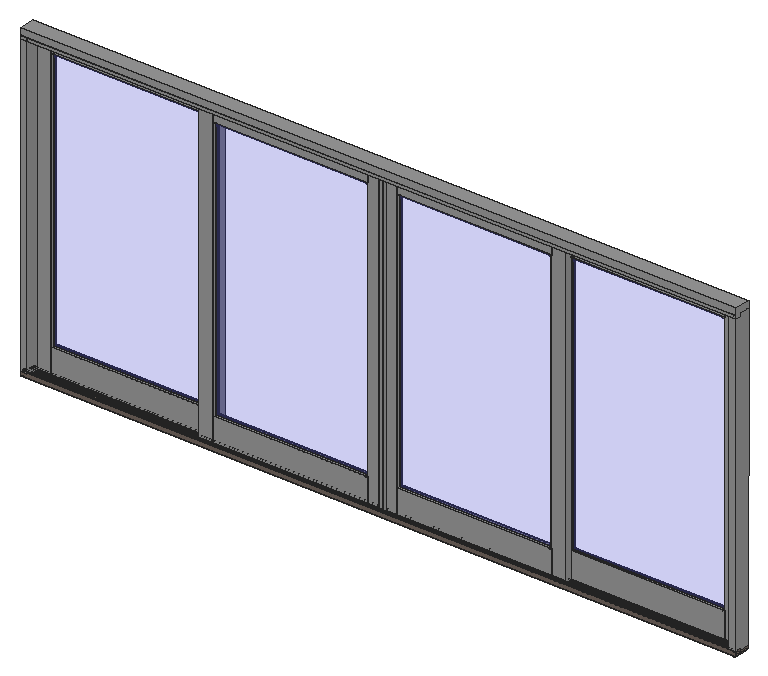
Revit family "VSDA4.8CO", category Doors, host Wall, Revit 2015
Parameters (values of type "VSDA4.8CO")
  Function = Interior
  Frame Projection Ext. = 25 mm
  Frame Projection Int. = 25 mm
  Frame Width = 75 mm
  Height = 2100 mm
  Wall Closure = By host
  Width = 4810 mm
Reference planes
  plane 1: y = 0
  plane 2 "Center (Left/Right)": x = 0
  plane 3 "Left": x = -2405
  plane 4 "Right": x = 2405
  plane 5: z = 2100
  plane 6 "Exterior": y = 75
  plane 7 "Interior": y = -75
Forms (mm)
  Extrusion 1, solid, material "Aluminium Cill (Bronze)"
    sketch origin (0, 79.18, -119.746) x (0, 1, 0) y (0, 0, 1)
      loop
        line (-26.68, 120.746) -> (-26.68, 135.746)
        arc (-26.68, 135.746) -> (-27.558, 137.867) -> (-29.68, 138.746) r 3
        line (-29.68, 138.746) -> (-40.947, 138.746)
        arc (-40.947, 138.746) -> (-42.68, 137.746) -> (-44.412, 138.746) r 2
        line (-44.412, 138.746) -> (-48.947, 138.746)
        arc (-48.947, 138.746) -> (-50.68, 137.746) -> (-52.412, 138.746) r 2
        line (-52.412, 138.746) -> (-56.947, 138.746)
        arc (-56.947, 138.746) -> (-58.68, 137.746) -> (-60.412, 138.746) r 2
        line (-60.412, 138.746) -> (-67.18, 138.746) -> (-67.18, 135.246)
        arc (-67.18, 135.246) -> (-67.619, 134.185) -> (-68.68, 133.746) r 1.5
        line (-68.68, 133.746) -> (-73.43, 133.746) -> (-73.43, 135.746) -> (-71.996, 135.746)
        arc (-71.996, 135.746) -> (-74.68, 138.746) -> (-77.363, 135.746) r 2.7
        line (-77.363, 135.746) -> (-75.93, 135.746) -> (-75.93, 133.746) -> (-80.68, 133.746)
        arc (-80.68, 133.746) -> (-81.74, 134.185) -> (-82.18, 135.246) r 1.5
        line (-82.18, 135.246) -> (-82.18, 138.746) -> (-90.432, 138.746) -> (-98.68, 138.746) -> (-98.68, 143.746)
        arc (-98.68, 143.746) -> (-99.18, 144.246) -> (-99.68, 143.746) r 0.5
        line (-99.68, 143.746) -> (-99.68, 142.734) -> (-100.88, 142.734) -> (-100.88, 150.246) -> (-99.68, 150.246) -> (-99.68, 149.246)
        arc (-99.68, 149.246) -> (-99.18, 148.746) -> (-98.68, 149.246) r 0.5
        line (-98.68, 149.246) -> (-98.68, 150.746)
        arc (-98.68, 150.746) -> (-98.972, 151.453) -> (-99.68, 151.746) r 1
        line (-99.68, 151.746) -> (-109.447, 151.746)
        arc (-109.447, 151.746) -> (-111.18, 150.746) -> (-112.912, 151.746) r 2
        line (-112.912, 151.746) -> (-117.447, 151.746)
        arc (-117.447, 151.746) -> (-119.18, 150.746) -> (-120.912, 151.746) r 2
        line (-120.912, 151.746) -> (-130.68, 151.746)
        arc (-130.68, 151.746) -> (-131.387, 151.453) -> (-131.68, 150.746) r 1
        line (-131.68, 150.746) -> (-131.68, 120.746)
        arc (-131.68, 120.746) -> (-131.387, 120.039) -> (-130.68, 119.746) r 1
        line (-130.68, 119.746) -> (-27.68, 119.746)
        arc (-27.68, 119.746) -> (-26.972, 120.039) -> (-26.68, 120.746) r 1
      loop
        line (-29.68, 137.246) -> (-40.23, 137.246)
        arc (-40.23, 137.246) -> (-42.68, 136.246) -> (-45.129, 137.246) r 3.5
        line (-45.129, 137.246) -> (-48.23, 137.246)
        arc (-48.23, 137.246) -> (-50.68, 136.246) -> (-53.129, 137.246) r 3.5
        line (-53.129, 137.246) -> (-56.23, 137.246)
        arc (-56.23, 137.246) -> (-58.68, 136.246) -> (-61.129, 137.246) r 3.5
        line (-61.129, 137.246) -> (-65.68, 137.246) -> (-65.68, 135.246)
        arc (-65.68, 135.246) -> (-66.558, 133.125) -> (-68.68, 132.246) r 3
        line (-68.68, 132.246) -> (-73.93, 132.246) -> (-73.93, 121.246) -> (-28.18, 121.246) -> (-28.18, 135.746)
        arc (-28.18, 135.746) -> (-28.619, 136.807) -> (-29.68, 137.246) r 1.5
      loop
        line (-75.43, 132.246) -> (-80.68, 132.246)
        arc (-80.68, 132.246) -> (-82.801, 133.125) -> (-83.68, 135.246) r 3
        line (-83.68, 135.246) -> (-83.68, 137.246) -> (-98.68, 137.246) -> (-98.68, 121.246) -> (-75.43, 121.246) -> (-75.43, 132.246)
      loop
        line (-100.18, 121.246) -> (-100.18, 141.246) -> (-102.38, 141.246) -> (-102.38, 150.246) -> (-108.73, 150.246)
        arc (-108.73, 150.246) -> (-111.18, 149.246) -> (-113.629, 150.246) r 3.5
        line (-113.629, 150.246) -> (-116.73, 150.246)
        arc (-116.73, 150.246) -> (-119.18, 149.246) -> (-121.629, 150.246) r 3.5
        line (-121.629, 150.246) -> (-130.18, 150.246) -> (-130.18, 121.246) -> (-100.18, 121.246)
    from -2405 to 2405
  Extrusion 2, solid, material "Lauan, Meranti"
    sketch origin (0, 0, 0) x (0, 1, 0) y (0, 0, 1)
      loop
        line (52.5, 2100) -> (-52.5, 2100) -> (-52.5, 2055) -> (-49.5, 2055) -> (-49.5, 2052) -> (-52.5, 2052) -> (-52.5, 2035) -> (-20.5, 2035) -> (-20.5, 2038.5) -> (-27.5, 2038.5) -> (-27.5, 2041.5) -> (-20.5, 2041.5) -> (-20.5, 2055) -> (32.5, 2055) -> (32.5, 2057) -> (52.5, 2057) -> (52.5, 2100)
    from -2405 to 2405
  Extrusion 3, solid, material "Lauan, Meranti"
    sketch origin (0, 0, 0) x (1, 0, 0) y (0, 1, 0)
      loop
        line (-2405, 52.5) -> (-2405, -52.5) -> (-2360, -52.5) -> (-2360, 52.5) -> (-2405, 52.5)
      loop
        line (2405, 52.5) -> (2360, 52.5) -> (2360, -52.5) -> (2405, -52.5) -> (2405, 52.5)
    from 32 to 2057
  Extrusion 4, solid, material "Lauan, Meranti"
    sketch origin (0, 0, 0) x (1, 0, 0) y (0, 1, 0)
      loop
        line (-2405, 52.5) -> (-2405, -19.5) -> (-2360, -19.5) -> (-2360, 52.5) -> (-2405, 52.5)
      loop
        line (2405, 52.5) -> (2360, 52.5) -> (2360, -19.5) -> (2405, -19.5) -> (2405, 52.5)
    from 19 to 32
  Extrusion 5, solid, material "Lauan, Meranti"
    sketch origin (550, 0, 0) x (0, 1, 0) y (0, 0, 1)
      loop
        line (52.5, 2054) -> (49.5, 2054) -> (49.5, 2057) -> (32.5, 2057) -> (32.5, 2041.5) -> (39.5, 2041.5) -> (39.5, 2038.5) -> (32.5, 2038.5) -> (32.5, 2035) -> (52.5, 2035) -> (52.5, 2054)
    from -1678.5 to 578.5
  Extrusion 6, solid, material "Lauan, Meranti"
    sketch origin (611.611, 0, 0) x (0, 1, 0) y (0, 0, 1)
      loop
        line (-15.5, 190) -> (-15.5, 19) -> (24.5, 19) -> (24.5, 190) -> (-5.5, 190) -> (-5.5, 199) -> (-7.5, 199) -> (-7.5, 197)
        arc (-7.5, 197) -> (-11.866, 194.67) -> (-13.5, 190) r 6.807
        line (-13.5, 190) -> (-15.5, 190)
      loop
        line (-7.5, 1952) -> (-7.5, 1950) -> (-5.5, 1950) -> (-5.5, 1959) -> (24.5, 1959) -> (24.5, 2055) -> (-15.5, 2055) -> (-15.5, 1959) -> (-13.5, 1959)
        arc (-13.5, 1959) -> (-11.866, 1954.33) -> (-7.5, 1952) r 6.807
    from -513.611 to 525.889
  Extrusion 7, solid, material "Lauan, Meranti"
    sketch origin (1631.611, 46.5, 0) x (0, 1, 0) y (0, 0, 1)
      loop
        line (-15.5, 190) -> (-15.5, 19) -> (24.5, 19) -> (24.5, 190) -> (-5.5, 190) -> (-5.5, 199) -> (-7.5, 199) -> (-7.5, 197)
        arc (-7.5, 197) -> (-11.866, 194.67) -> (-13.5, 190) r 6.807
        line (-13.5, 190) -> (-15.5, 190)
      loop
        line (-7.5, 1952) -> (-7.5, 1950) -> (-5.5, 1950) -> (-5.5, 1959) -> (24.5, 1959) -> (24.5, 2055) -> (-15.5, 2055) -> (-15.5, 1959) -> (-13.5, 1959)
        arc (-13.5, 1959) -> (-11.866, 1954.33) -> (-7.5, 1952) r 6.807
    from -407.111 to 632.389
  Sweep 8, solid, material "Lauan, Meranti"
    path origin (867.216, -75, -781.763) x (1, 0, 0) y (0, 0, 1)
      loop
        line (357.284, 2740.763) -> (357.284, 971.763) -> (1396.784, 971.763) -> (1396.784, 2740.763) -> (357.284, 2740.763)
    profile origin (1744.25, -75, 1959) x (0, 0, 1) y (0, -1, 0)
      loop
        line (-9, -124.5) -> (-9, -126.5) -> (-7, -126.5)
        arc (-7, -126.5) -> (-4.67, -130.866) -> (0, -132.5) r 6.807
        line (0, -132.5) -> (0, -124.5) -> (-9, -124.5)
  Sweep 9, solid, material "Lauan, Meranti"
    path origin (175.108, -75, -980.222) x (1, 0, 0) y (0, 0, 1)
      loop
        line (-77.108, 2939.222) -> (-77.108, 1170.222) -> (962.392, 1170.222) -> (962.392, 2939.222) -> (-77.108, 2939.222)
    profile origin (617.75, -75, 1959) x (0, 0, 1) y (0, -1, 0)
      loop
        line (-9, -78) -> (-9, -80) -> (-7, -80)
        arc (-7, -80) -> (-4.67, -84.366) -> (0, -86) r 6.807
        line (0, -86) -> (0, -78) -> (-9, -78)
  Extrusion 10, solid, material "Glass"
    sketch origin (1099.736, -64.05, -73.649) x (1, 0, 0) y (0, 0, 1)
      loop
        line (124.764, 2032.649) -> (124.764, 263.649) -> (1164.264, 263.649) -> (1164.264, 2032.649) -> (124.764, 2032.649)
      loop
        line (-2324.236, 2032.649) -> (-3363.736, 2032.649) -> (-3363.736, 263.649) -> (-2324.236, 263.649) -> (-2324.236, 2032.649)
    from -112.5 to -106.1
  Extrusion 11, solid, material "Glass"
    sketch origin (494.604, -110.55, 134.714) x (1, 0, 0) y (0, 0, 1)
      loop
        line (-396.604, 1824.286) -> (-396.604, 55.286) -> (642.896, 55.286) -> (642.896, 1824.286) -> (-396.604, 1824.286)
      loop
        line (-592.604, 1824.286) -> (-1632.104, 1824.286) -> (-1632.104, 55.286) -> (-592.604, 55.286) -> (-592.604, 1824.286)
    from -112.5 to -106.1
  Extrusion 12, solid, material "Lauan, Meranti"
    sketch origin (0, 0, 0) x (1, 0, 0) y (0, 1, 0)
      loop
        line (2264, 31) -> (2360, 31) -> (2360, 71) -> (2264, 71) -> (2264, 41) -> (2255, 41) -> (2255, 39) -> (2257, 39)
        arc (2257, 39) -> (2259.265, 34.56) -> (2264, 33) r 6.549
        line (2264, 33) -> (2264, 31)
      loop
        line (98, -15.5) -> (98, -13.5)
        arc (98, -13.5) -> (102.735, -11.94) -> (105, -7.5) r 6.549
        line (105, -7.5) -> (107, -7.5) -> (107, -5.5) -> (98, -5.5) -> (98, 24.5) -> (2, 24.5) -> (2, -15.5) -> (98, -15.5)
      loop
        line (-2264, 31) -> (-2264, 33)
        arc (-2264, 33) -> (-2259.265, 34.56) -> (-2257, 39) r 6.549
        line (-2257, 39) -> (-2255, 39) -> (-2255, 41) -> (-2264, 41) -> (-2264, 71) -> (-2360, 71) -> (-2360, 31) -> (-2264, 31)
      loop
        line (-98, -15.5) -> (-2, -15.5) -> (-2, 24.5) -> (-98, 24.5) -> (-98, -5.5) -> (-107, -5.5) -> (-107, -7.5) -> (-105, -7.5)
        arc (-105, -7.5) -> (-102.735, -11.94) -> (-98, -13.5) r 6.549
        line (-98, -13.5) -> (-98, -15.5)
      loop
        line (-1137.5, -15.5) -> (-1137.5, -13.5)
        arc (-1137.5, -13.5) -> (-1132.765, -11.94) -> (-1130.5, -7.5) r 6.549
        line (-1130.5, -7.5) -> (-1128.5, -7.5) -> (-1128.5, -5.5) -> (-1137.5, -5.5) -> (-1137.5, 24.5) -> (-1233.5, 24.5) -> (-1233.5, -15.5) -> (-1137.5, -15.5)
      loop
        line (-1224.5, 31) -> (-1128.5, 31) -> (-1128.5, 71) -> (-1224.5, 71) -> (-1224.5, 41) -> (-1233.5, 41) -> (-1233.5, 39) -> (-1231.5, 39)
        arc (-1231.5, 39) -> (-1229.235, 34.56) -> (-1224.5, 33) r 6.549
        line (-1224.5, 33) -> (-1224.5, 31)
      loop
        line (1137.5, -15.5) -> (1233.5, -15.5) -> (1233.5, 24.5) -> (1137.5, 24.5) -> (1137.5, -5.5) -> (1128.5, -5.5) -> (1128.5, -7.5) -> (1130.5, -7.5)
        arc (1130.5, -7.5) -> (1132.765, -11.94) -> (1137.5, -13.5) r 6.549
        line (1137.5, -13.5) -> (1137.5, -15.5)
      loop
        line (1224.5, 31) -> (1224.5, 33)
        arc (1224.5, 33) -> (1229.235, 34.56) -> (1231.5, 39) r 6.549
        line (1231.5, 39) -> (1233.5, 39) -> (1233.5, 41) -> (1224.5, 41) -> (1224.5, 71) -> (1128.5, 71) -> (1128.5, 31) -> (1224.5, 31)
    from 19 to 2055
  Sweep 13, solid, material "Lauan, Meranti"
    path origin (-867.216, -75, -781.763) x (-1, 0, 0) y (0, 0, -1)
      loop
        line (357.284, -2740.763) -> (1396.784, -2740.763) -> (1396.784, -971.763) -> (357.284, -971.763) -> (357.284, -2740.763)
    profile origin (-1744.25, -75, 1959) x (0, 0, -1) y (0, -1, 0)
      loop
        line (9, -124.5) -> (0, -124.5) -> (0, -132.5)
        arc (0, -132.5) -> (4.67, -130.866) -> (7, -126.5) r 6.807
        line (7, -126.5) -> (9, -126.5) -> (9, -124.5)
  Sweep 14, solid, material "Lauan, Meranti"
    path origin (-175.108, -75, -980.222) x (-1, 0, 0) y (0, 0, -1)
      loop
        line (-77.108, -2939.222) -> (962.392, -2939.222) -> (962.392, -1170.222) -> (-77.108, -1170.222) -> (-77.108, -2939.222)
    profile origin (-617.75, -75, 1959) x (0, 0, -1) y (0, -1, 0)
      loop
        line (9, -78) -> (0, -78) -> (0, -86)
        arc (0, -86) -> (4.67, -84.366) -> (7, -80) r 6.807
        line (7, -80) -> (9, -80) -> (9, -78)
  Extrusion 15, solid, material "Lauan, Meranti"
    sketch origin (-611.611, 0, 0) x (0, 1, 0) y (0, 0, -1)
      loop
        line (-15.5, -190) -> (-13.5, -190)
        arc (-13.5, -190) -> (-11.866, -194.67) -> (-7.5, -197) r 6.807
        line (-7.5, -197) -> (-7.5, -199) -> (-5.5, -199) -> (-5.5, -190) -> (24.5, -190) -> (24.5, -19) -> (-15.5, -19) -> (-15.5, -190)
      loop
        arc (-7.5, -1952) -> (-11.866, -1954.33) -> (-13.5, -1959) r 6.807
        line (-13.5, -1959) -> (-15.5, -1959) -> (-15.5, -2055) -> (24.5, -2055) -> (24.5, -1959) -> (-5.5, -1959) -> (-5.5, -1950) -> (-7.5, -1950) -> (-7.5, -1952)
    from -513.611 to 525.889
  Extrusion 16, solid, material "Lauan, Meranti"
    sketch origin (-1631.611, 46.5, 0) x (0, 1, 0) y (0, 0, -1)
      loop
        line (-15.5, -190) -> (-13.5, -190)
        arc (-13.5, -190) -> (-11.866, -194.67) -> (-7.5, -197) r 6.807
        line (-7.5, -197) -> (-7.5, -199) -> (-5.5, -199) -> (-5.5, -190) -> (24.5, -190) -> (24.5, -19) -> (-15.5, -19) -> (-15.5, -190)
      loop
        arc (-7.5, -1952) -> (-11.866, -1954.33) -> (-13.5, -1959) r 6.807
        line (-13.5, -1959) -> (-15.5, -1959) -> (-15.5, -2055) -> (24.5, -2055) -> (24.5, -1959) -> (-5.5, -1959) -> (-5.5, -1950) -> (-7.5, -1950) -> (-7.5, -1952)
    from -407.111 to 632.389
  Extrusion 17, solid, material "Lauan, Meranti"
    sketch origin (4059.03, 0, -20) x (1, 0, 0) y (0, 1, 0)
      loop
        line (-4071.03, -25.5) -> (-4047.03, -25.5) -> (-4047.03, -23.5)
        arc (-4047.03, -23.5) -> (-4041.373, -21.157) -> (-4039.03, -15.5) r 8
        line (-4039.03, -15.5) -> (-4079.03, -15.5)
        arc (-4079.03, -15.5) -> (-4076.687, -21.157) -> (-4071.03, -23.5) r 8
        line (-4071.03, -23.5) -> (-4071.03, -25.5)
      loop
        line (-4071.03, 34.5) -> (-4071.03, 32.5)
        arc (-4071.03, 32.5) -> (-4076.687, 30.157) -> (-4079.03, 24.5) r 8
        line (-4079.03, 24.5) -> (-4039.03, 24.5)
        arc (-4039.03, 24.5) -> (-4041.373, 30.157) -> (-4047.03, 32.5) r 8
        line (-4047.03, 32.5) -> (-4047.03, 34.5) -> (-4071.03, 34.5)
    from 39 to 2055
Cuts and joins
  joined: Extrusion 3, Extrusion 4
Lines and regions (mm)
  Opening 1
    outline origin (-3050, -75, 0) x (1, 0, 0) y (0, 0, 1)
      loop
        line (645, 0) -> (5455, 0) -> (5455, 2100) -> (645, 2100) -> (645, 0)
  model lines
    curve 1: line (447.533, 99.5, 1050) -> (702.533, 99.5, 1050)
    curve 2: line (841.611, 99.5, 1050) -> (702.533, 99.5, 1106.191)
    curve 3: line (702.533, 99.5, 1106.191) -> (702.533, 99.5, 993.809)
    curve 4: line (841.611, 99.5, 1050) -> (702.533, 99.5, 993.809)
    curve 5: line (-447.533, 99.5, 1050) -> (-702.533, 99.5, 1050)
    curve 6: line (-841.611, 99.5, 1050) -> (-702.533, 99.5, 1106.191)
    curve 7: line (-702.533, 99.5, 1106.191) -> (-702.533, 99.5, 993.809)
    curve 8: line (-841.611, 99.5, 1050) -> (-702.533, 99.5, 993.809)
Text (mm)
  text "Exterior" at (-2295.016, 1099.543, 0), in view "Ref. Level"
  text "Exterior" at (0, 1615.38, 3698.081), in view "Left"
  text "Exterior" at (0, 1036.032, 3874.932), in view "Right"
Dimensions and locks
  equal spacing: plane 3 "Left", plane 2 "Center (Left/Right)", plane 4 "Right"
  "Width": plane 3 "Left" to plane 4 "Right"
  "Height": plane 5 to host wall
  host wall to plane 5 = 2100 mm  (x2)
  locked: plane 6 "Exterior" to host wall at 0
  locked: plane 7 "Interior" to host wall
  plane 3 "Left" to plane 4 "Right" = 4810 mm
  aligned and locked: plane 3 "Left" to Opening 1 sketch curve
  aligned and locked: plane 5 to Opening 1 sketch curve  (x2)
  aligned and locked: Opening 1 sketch curve to plane 4 "Right"
  aligned and locked: Opening 1 sketch curve to level
  aligned and locked: host wall to plane 1
  aligned and locked: Extrusion 1 to host wall  (x2)
  aligned and locked: Extrusion 2 to host wall  (x2)
  aligned and locked: Extrusion 4 to Extrusion 1  (x2)
  aligned and locked: Extrusion 3 to Extrusion 1
  aligned and locked: Extrusion 3 to Extrusion 2
  aligned and locked: Sweep 8 sketch curve to Extrusion 7
  aligned and locked: Extrusion 7 to Sweep 8 sketch curve
  aligned and locked: Extrusion 6 to Sweep 9 sketch curve
  aligned and locked: Sweep 9 sketch curve to Extrusion 6
  aligned and locked: Sweep 8 sketch curve to Extrusion 10
  aligned and locked: Sweep 9 sketch curve to Extrusion 11
Automatic sketch dimensions
  Extrusion 1 sketch curve to level = 0 mm
  level to Extrusion 1 sketch curve = 1 mm
  Extrusion 1 sketch curve to host wall = 22.5 mm
  Extrusion 1 sketch curve to Extrusion 1 sketch curve = 1 mm  (x7)
  Extrusion 1 sketch curve to Extrusion 1 sketch curve = 0.5 mm  (x8)
  Extrusion 1 sketch curve to Extrusion 1 sketch curve = 8.551 mm
  Extrusion 1 sketch curve to Extrusion 1 sketch curve = 0.717 mm  (x10)
  Extrusion 1 sketch curve to Extrusion 1 sketch curve = 1.732 mm  (x10)
  Extrusion 1 sketch curve to Extrusion 1 sketch curve = 0 mm  (x26)
  Extrusion 1 sketch curve to Extrusion 1 sketch curve = 3.101 mm  (x3)
  Extrusion 1 sketch curve to Extrusion 1 sketch curve = 6.351 mm
  Extrusion 1 sketch curve to Extrusion 1 sketch curve = 1.5 mm  (x15)
  Extrusion 1 sketch curve to Extrusion 1 sketch curve = 0.7 mm
  level to Extrusion 1 sketch curve = 1.5 mm  (x3)
  Extrusion 1 sketch curve to Extrusion 1 sketch curve = 1.2 mm  (x2)
  Extrusion 1 sketch curve to Extrusion 1 sketch curve = 8.248 mm
  host wall to Extrusion 1 sketch curve = 4.5 mm
  host wall to Extrusion 1 sketch curve = 1.5 mm  (x2)
  Extrusion 1 sketch curve to host wall = 1.817 mm
  Extrusion 1 sketch curve to Extrusion 1 sketch curve = 1.433 mm  (x3)
  Extrusion 1 sketch curve to host wall = 3.75 mm
  Extrusion 1 sketch curve to Extrusion 1 sketch curve = 1.25 mm  (x2)
  Extrusion 1 sketch curve to Extrusion 1 sketch curve = 3.317 mm
  Extrusion 1 sketch curve to Extrusion 1 sketch curve = 4.551 mm
  Extrusion 1 sketch curve to Extrusion 1 sketch curve = 10.551 mm
  Extrusion 1 sketch curve to Extrusion 1 sketch curve = 11 mm
  Extrusion 1 sketch curve to Extrusion 1 sketch curve = 14.5 mm
  Extrusion 1 sketch curve to Extrusion 1 sketch curve = 2 mm  (x4)
  Extrusion 1 sketch curve to Extrusion 1 sketch curve = 0.3 mm
  Extrusion 1 sketch curve to Extrusion 1 sketch curve = 2.5 mm
  Extrusion 1 sketch curve to Extrusion 1 sketch curve = 1.488 mm
  Extrusion 1 sketch curve to Extrusion 1 sketch curve = 1.012 mm
  Extrusion 1 sketch curve to Extrusion 1 sketch curve = 5.5 mm
  plane 5 to Extrusion 2 sketch curve = 0 mm
  Extrusion 2 sketch curve to host wall = 22.5 mm
  Extrusion 2 sketch curve to Extrusion 2 sketch curve = 0 mm  (x2)
  Extrusion 2 sketch curve to Extrusion 2 sketch curve = 3 mm  (x3)
  Extrusion 2 sketch curve to Extrusion 2 sketch curve = 22 mm
  Extrusion 2 sketch curve to Extrusion 2 sketch curve = 7 mm  (x2)
  Extrusion 2 sketch curve to host wall = 32.5 mm
  Extrusion 2 sketch curve to Extrusion 2 sketch curve = 20 mm
  plane 5 to Extrusion 2 sketch curve = 43 mm
  plane 5 to Extrusion 2 sketch curve = 45 mm
  Extrusion 2 sketch curve to Extrusion 2 sketch curve = 13.5 mm
  Extrusion 2 sketch curve to Extrusion 2 sketch curve = 17 mm
  Extrusion 3 sketch curve to plane 3 "Left" = 0 mm
  Extrusion 3 sketch curve to plane 4 "Right" = 0 mm
  Extrusion 3 sketch curve to Extrusion 3 sketch curve = 45 mm  (x2)
  Extrusion 3 sketch curve to host wall = 22.5 mm  (x4)
  Extrusion 4 sketch curve to plane 3 "Left" = 0 mm
  Extrusion 4 sketch curve to plane 4 "Right" = 0 mm
  host wall to Extrusion 4 sketch curve = 19.5 mm  (x2)
  Extrusion 4 sketch curve to Extrusion 4 sketch curve = 45 mm
  plane 4 "Right" to Extrusion 4 sketch curve = 45 mm
  Extrusion 4 sketch curve to host wall = 22.5 mm  (x2)
  curve 8 to plane 2 "Center (Left/Right)" = 841.611 mm
  curve 6 to curve 7 = 139.078 mm
  plane 2 "Center (Left/Right)" to curve 3 = 702.533 mm
  curve 1 to curve 2 = 139.078 mm
  level to curve 4 = 993.809 mm
  level to curve 7 = 993.809 mm
  curve 7 to curve 8 = 56.191 mm
  curve 3 to curve 4 = 56.191 mm
  curve 3 to curve 3 = 112.382 mm
  curve 7 to curve 7 = 112.382 mm
  curve 5 to curve 5 = 255 mm
  curve 1 to curve 1 = 255 mm
  curve 1 to curve 2 = 56.191 mm
  curve 7 to curve 5 = 56.191 mm
  Extrusion 5 sketch curve to host wall = 32.5 mm
  Extrusion 5 sketch curve to Extrusion 5 sketch curve = 0 mm
  Extrusion 5 sketch curve to Extrusion 5 sketch curve = 7 mm
  Extrusion 5 sketch curve to Extrusion 5 sketch curve = 17 mm
  Extrusion 5 sketch curve to Extrusion 5 sketch curve = 3 mm  (x3)
  plane 5 to Extrusion 5 sketch curve = 65 mm
  Extrusion 5 sketch curve to Extrusion 5 sketch curve = 3.5 mm
  Extrusion 5 sketch curve to Extrusion 5 sketch curve = 12.5 mm
  host wall to Extrusion 6 sketch curve = 15.5 mm  (x2)
  Extrusion 6 sketch curve to Extrusion 6 sketch curve = 2 mm  (x6)
  host wall to Extrusion 6 sketch curve = 7.5 mm  (x2)
  host wall to Extrusion 6 sketch curve = 6.697 mm  (x2)
  Extrusion 6 sketch curve to host wall = 24.5 mm  (x2)
  level to Extrusion 6 sketch curve = 19 mm
  Extrusion 6 sketch curve to Extrusion 6 sketch curve = 171 mm
  Extrusion 6 sketch curve to Extrusion 6 sketch curve = 0 mm
  Extrusion 6 sketch curve to Extrusion 6 sketch curve = 0.241 mm  (x2)
  plane 5 to Extrusion 6 sketch curve = 150 mm
  Extrusion 6 sketch curve to Extrusion 6 sketch curve = 6.759 mm
  plane 5 to Extrusion 6 sketch curve = 45 mm
  Extrusion 7 sketch curve to host wall = 31 mm  (x2)
  Extrusion 7 sketch curve to Extrusion 7 sketch curve = 2 mm  (x6)
  Extrusion 7 sketch curve to Extrusion 7 sketch curve = 6 mm  (x2)
  Extrusion 7 sketch curve to Extrusion 7 sketch curve = 0.803 mm
  Extrusion 7 sketch curve to Extrusion 7 sketch curve = 6.803 mm
  Extrusion 7 sketch curve to host wall = 4 mm  (x2)
  level to Extrusion 7 sketch curve = 19 mm
  Extrusion 7 sketch curve to Extrusion 7 sketch curve = 171 mm
  Extrusion 7 sketch curve to Extrusion 7 sketch curve = 0 mm
  Extrusion 7 sketch curve to Extrusion 7 sketch curve = 0.241 mm  (x2)
  plane 5 to Extrusion 7 sketch curve = 150 mm
  Extrusion 7 sketch curve to Extrusion 7 sketch curve = 6.759 mm
  plane 5 to Extrusion 7 sketch curve = 45 mm
  Sweep 8 sketch curve to Sweep 8 sketch curve = 1039.5 mm
  profile plane to Sweep 8 sketch curve = 0 mm
  profile plane to Sweep 8 sketch curve = 0.241 mm
  Sweep 8 sketch curve to Sweep 8 sketch curve = 6.759 mm
  Sweep 8 sketch curve to Sweep 8 sketch curve = 2 mm  (x2)
  Sweep 8 sketch curve to profile plane = 132.5 mm
  Sweep 8 sketch curve to Sweep 8 sketch curve = 6 mm
  Sweep 9 sketch curve to Sweep 9 sketch curve = 1039.5 mm
  profile plane to Sweep 9 sketch curve = 0 mm
  profile plane to Sweep 9 sketch curve = 0.241 mm
  Sweep 9 sketch curve to Sweep 9 sketch curve = 6.759 mm
  Sweep 9 sketch curve to Sweep 9 sketch curve = 2 mm  (x2)
  Sweep 9 sketch curve to profile plane = 86 mm
  Sweep 9 sketch curve to Sweep 9 sketch curve = 6 mm
  Extrusion 10 sketch curve to plane 3 "Left" = 141 mm
  level to Extrusion 10 sketch curve = 190 mm  (x2)
  Extrusion 10 sketch curve to Extrusion 10 sketch curve = 1039.5 mm
  plane 4 "Right" to Extrusion 10 sketch curve = 1180.5 mm
  plane 4 "Right" to Extrusion 10 sketch curve = 141 mm
  plane 5 to Extrusion 10 sketch curve = 141 mm  (x2)
  plane 5 to Extrusion 11 sketch curve = 141 mm  (x2)
  Extrusion 11 sketch curve to plane 2 "Center (Left/Right)" = 1137.5 mm
  Extrusion 11 sketch curve to plane 2 "Center (Left/Right)" = 98 mm
  plane 2 "Center (Left/Right)" to Extrusion 11 sketch curve = 98 mm
  level to Extrusion 11 sketch curve = 190 mm  (x2)
  Extrusion 11 sketch curve to Extrusion 11 sketch curve = 1039.5 mm
  Extrusion 12 sketch curve to plane 3 "Left" = 45 mm
  Extrusion 12 sketch curve to host wall = 4 mm  (x4)
  Extrusion 12 sketch curve to Extrusion 12 sketch curve = 96 mm  (x2)
  Extrusion 12 sketch curve to Extrusion 12 sketch curve = 0 mm  (x6)
  Extrusion 12 sketch curve to Extrusion 12 sketch curve = 0.473 mm  (x10)
  Extrusion 12 sketch curve to Extrusion 12 sketch curve = 6.527 mm  (x8)
  Extrusion 12 sketch curve to Extrusion 12 sketch curve = 2 mm  (x21)
  Extrusion 12 sketch curve to host wall = 36 mm  (x2)
  Extrusion 12 sketch curve to Extrusion 12 sketch curve = 1021.5 mm  (x2)
  Extrusion 12 sketch curve to Extrusion 12 sketch curve = 9 mm  (x4)
  Extrusion 12 sketch curve to host wall = 24.5 mm  (x3)
  Extrusion 12 sketch curve to Extrusion 12 sketch curve = 87 mm  (x2)
  host wall to Extrusion 12 sketch curve = 7.5 mm  (x4)
  Extrusion 12 sketch curve to plane 2 "Center (Left/Right)" = 107 mm
  Extrusion 12 sketch curve to plane 2 "Center (Left/Right)" = 2 mm
  plane 2 "Center (Left/Right)" to Extrusion 12 sketch curve = 2 mm
  host wall to Extrusion 12 sketch curve = 13.5 mm
  Extrusion 12 sketch curve to host wall = 34 mm
  host wall to Extrusion 12 sketch curve = 15.5 mm  (x3)
  plane 4 "Right" to Extrusion 12 sketch curve = 150 mm
  plane 4 "Right" to Extrusion 12 sketch curve = 45 mm
  Extrusion 12 sketch curve to Extrusion 12 sketch curve = 1.468 mm  (x3)
  Extrusion 12 sketch curve to Extrusion 12 sketch curve = 16.5 mm
  Extrusion 12 sketch curve to Extrusion 12 sketch curve = 8 mm  (x2)
  Extrusion 12 sketch curve to host wall = 31 mm
  Extrusion 12 sketch curve to Extrusion 12 sketch curve = 10 mm
  Extrusion 12 sketch curve to Extrusion 12 sketch curve = 6 mm
  level to Sweep 13 sketch curve = 190 mm
  Sweep 13 sketch curve to plane 3 "Left" = 1180.5 mm
  Sweep 13 sketch curve to plane 3 "Left" = 141 mm
  plane 5 to Sweep 13 sketch curve = 141 mm
  Sweep 13 sketch curve to profile plane = 0 mm
  Sweep 13 sketch curve to profile plane = 0.241 mm
  Sweep 13 sketch curve to Sweep 13 sketch curve = 6.759 mm
  Sweep 13 sketch curve to Sweep 13 sketch curve = 2 mm  (x2)
  Sweep 13 sketch curve to profile plane = 132.5 mm
  Sweep 13 sketch curve to Sweep 13 sketch curve = 6 mm
  Sweep 14 sketch curve to plane 2 "Center (Left/Right)" = 98 mm
  level to Sweep 14 sketch curve = 190 mm
  Sweep 14 sketch curve to Sweep 14 sketch curve = 1039.5 mm
  plane 5 to Sweep 14 sketch curve = 141 mm
  Sweep 14 sketch curve to profile plane = 0 mm
  Sweep 14 sketch curve to profile plane = 0.241 mm
  Sweep 14 sketch curve to Sweep 14 sketch curve = 6.759 mm
  Sweep 14 sketch curve to Sweep 14 sketch curve = 2 mm  (x2)
  Sweep 14 sketch curve to profile plane = 86 mm
  Sweep 14 sketch curve to Sweep 14 sketch curve = 6 mm
  host wall to Extrusion 15 sketch curve = 15.5 mm  (x2)
  Extrusion 15 sketch curve to Extrusion 15 sketch curve = 2 mm  (x6)
  host wall to Extrusion 15 sketch curve = 7.5 mm  (x2)
  host wall to Extrusion 15 sketch curve = 6.697 mm  (x2)
  Extrusion 15 sketch curve to host wall = 24.5 mm  (x2)
  plane 5 to Extrusion 15 sketch curve = 45 mm
  Extrusion 15 sketch curve to Extrusion 15 sketch curve = 96 mm
  Extrusion 15 sketch curve to Extrusion 15 sketch curve = 0 mm
  Extrusion 15 sketch curve to Extrusion 15 sketch curve = 0.241 mm  (x2)
  level to Extrusion 15 sketch curve = 199 mm
  Extrusion 15 sketch curve to Extrusion 15 sketch curve = 6.759 mm
  level to Extrusion 15 sketch curve = 19 mm
  Extrusion 16 sketch curve to host wall = 31 mm  (x2)
  Extrusion 16 sketch curve to Extrusion 16 sketch curve = 2 mm  (x6)
  Extrusion 16 sketch curve to Extrusion 16 sketch curve = 6 mm  (x2)
  Extrusion 16 sketch curve to Extrusion 16 sketch curve = 0.803 mm
  Extrusion 16 sketch curve to Extrusion 16 sketch curve = 6.803 mm
  Extrusion 16 sketch curve to host wall = 4 mm  (x2)
  plane 5 to Extrusion 16 sketch curve = 45 mm
  Extrusion 16 sketch curve to Extrusion 16 sketch curve = 96 mm
  Extrusion 16 sketch curve to Extrusion 16 sketch curve = 0 mm
  Extrusion 16 sketch curve to Extrusion 16 sketch curve = 0.241 mm  (x2)
  level to Extrusion 16 sketch curve = 199 mm
  Extrusion 16 sketch curve to Extrusion 16 sketch curve = 6.759 mm
  level to Extrusion 16 sketch curve = 19 mm
  Extrusion 17 sketch curve to plane 2 "Center (Left/Right)" = 20 mm  (x2)
  Extrusion 17 sketch curve to Extrusion 17 sketch curve = 8 mm  (x3)
  Extrusion 17 sketch curve to plane 2 "Center (Left/Right)" = 12 mm
  plane 2 "Center (Left/Right)" to Extrusion 17 sketch curve = 12 mm  (x2)
  host wall to Extrusion 17 sketch curve = 25.5 mm
  Extrusion 17 sketch curve to Extrusion 17 sketch curve = 2 mm  (x2)
  Extrusion 17 sketch curve to host wall = 24.5 mm
